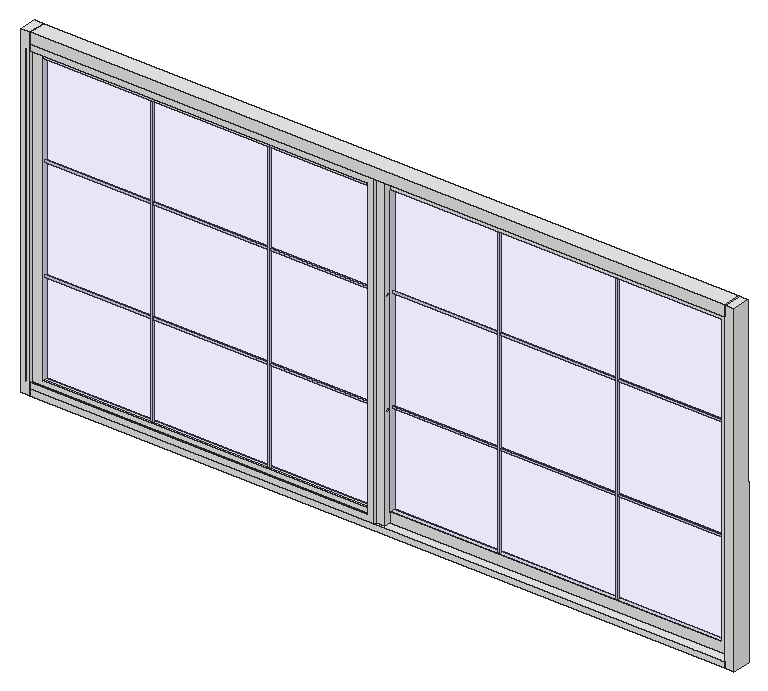
Revit family "Door_Curtain_Wall-Sliding-Traco-TR-8300", category Curtain Panels, Revit 2015
Parameters (values of type "TR-8300")
  Water Resistance = 12.0000 psf
  Uniform Load Structural = 75.0000 psf
  Uniform Load Deflection = 50.0000 psf
  Sill Type = Door_Frame-Sliding-(TR-8300) : 10 PSF Sill
  Sill Thickness = 0' - 4 1/4"
  Screen Type = Screen-Exterior-Traco-Half : Standard Screen
  Product data url = "https://bimobject.com/kawneerna/product/83005"
  Product Page URL = "http://www.alcoa.com/traco/en/product.asp?cat_id=1911&prod_id=4257"
  Product Documentation Link = "http://www.alcoa.com/traco/en/cad_spec.asp?cat_id=1911&prod_id=4257&area=prod"
  Panel Width [instance] = (Door Width / 2) - 0' 1"  # 7' - 8 1/2"
  Panel Material [instance] = Aluminum - Traco - Anodized - Gray
  Panel Height [instance] = Door Height - Sill Thickness  # 6' - 9"
  Muntin Type = Muntin-Grid-Traco-Lites : Interior
  Has Screen [instance] = yes
  Has Muntins [instance] = yes
  Glass Material [instance] = Glass - Traco - Clear
  Frame Material [instance] = Aluminum - Traco - Anodized - Gray
  Door Width [instance] = if(CTRL Opening Width < Door Width Minimum, Door Width Minimum, if(CTRL Opening Width > Door Width Maximum, Door Width Maximum, CTRL Opening Width))  # 15' - 7"
  Door Height [instance] = if(CTRL Opening Height < Door Height Minimum, Door Height Minimum, if(CTRL Opening Height > Door Height Maximum, Door Height Maximum, CTRL Opening Height))  # 7' - 1 1/4"
  Copyright © = "2011 Traco"  # constant formula
  CTRL Symbolic Arrow Placement Height [instance] = (Panel Height / 2) + 0' 1 1/2"  # 3' - 6"
  CTRL Symbolic Arrow Inset [instance] = (Panel Width / 2) - 0' 5 3/8"  # 3' - 4 7/8"
  CTRL Opening Width [instance] = 15' - 7"
  URL = "http://www.alcoa.com/traco/en/home.asp"
  U Factor = ".43*"
  Type Comments = "2 Panel"
  Test Size = "187\" X 96\""
  Show Symbolic Arrow [instance] = yes
  Screen Offset = 0' - 3 13/16"  # constant formula
  Right Panel Inset = 0' - 3 3/16"  # constant formula
  Model = "TR-8300"
  Manufacturer = "Traco"  # constant formula
  Left Panel Inset = 0' - 1 9/16"  # constant formula
  CTRL Opening Height [instance] = 7' - 1 1/4"
  Forced Entry Resistance = "TYPE B: GRADE 10"
  Door Width Minimum [instance] = 6' - 0"
  Door Width Maximum [instance] = 16' - 0"
  Door Height Minimum [instance] = 6' - 0"
  Door Height Maximum [instance] = 10' - 0"
  Designation = "AAMA/WDMA/CSA 101/I.S.2/A-440-05: HS-C50 And AAMA/WDMA/CSA 101/I.S.2/A-440-08"
  Description = "TR-8300 - Thermal Aluminum Heavy Commercial Sliding Glass Door\r\nTR-8300 - Thermal Aluminum Heavy Commercial Sliding Glass Door"
  Condensation Resistance = ""
  Assembly Code = "B2020220"
  Allowable Air Infiltration Maximum = "0.3 @ 6.2 PSF"
Reference planes (in)
  plane 1 "Front": y = 0
  plane 2 "Bottom": z = 0
  plane 3 "Center (Left/Right)": x = 0
  plane 4 "Left": x = -93.5
  plane 5 "Right": x = 93.5
  plane 6 "Top": z = 85.25
  plane 7 "Screen Back": y = 0.8125
  plane 8: z = 1.5
  plane 9 "Right Panel Left": x = -1.375
  plane 10 "Left Panel Right": x = 1.375
  plane 11 "Back": y = 4.625
  plane 12 "Left Panel Center F_B": y = 1.5625
  plane 13 "Right Panel Center F_B": y = 3.1875
  plane 14: y = 2.3125
Text (in)
  text "Exterior" at (-54.29358, -40.61257, 0), in view "Ref. Level"
  text "Exterior" at (480, 41.53993, 89.60405), in view "Right"
  text "Exterior" at (-240, 57.82419, 105.78864), in view "Left"
Dimensions and locks (in)
  equal spacing: plane 4 "Left", plane 3 "Center (Left/Right)", plane 5 "Right"
  "CTRL Opening Width": plane 4 "Left" to plane 5 "Right"
  "CTRL Opening Height": plane 6 "Top" to plane 2 "Bottom"
  locked: plane 8 to plane 2 "Bottom" at 1.5
  locked: plane 3 "Center (Left/Right)" to plane 10 "Left Panel Right" at 1.375
  locked: plane 9 "Right Panel Left" to plane 3 "Center (Left/Right)" at 1.375
  locked: plane 1 "Front" to plane 11 "Back" at 4.625
  "Right Panel Inset": plane 1 "Front" to plane 13 "Right Panel Center F_B"
  "Left Panel Inset": plane 1 "Front" to plane 12 "Left Panel Center F_B"
  equal spacing: plane 1 "Front", plane 14, plane 11 "Back"
  "Screen Offset": plane 7 "Screen Back" to plane 11 "Back"
  aligned and locked: level to plane 2 "Bottom"
  aligned and locked: nested 12 to plane 8
  aligned and locked: nested 13 to plane 12 "Left Panel Center F_B"
  aligned and locked: plane 10 "Left Panel Right" to nested 13
  aligned and locked: plane 8 to nested 13
  aligned: plane 10 "Left Panel Right" to nested 12
  aligned and locked: plane 3 "Center (Left/Right)" to nested 1
  aligned and locked: nested 1 to plane 2 "Bottom"
  aligned and locked: nested 2 to plane 8
  aligned and locked: plane 10 "Left Panel Right" to nested 2
  aligned and locked: nested 7 to plane 8
  aligned and locked: nested 7 to plane 9 "Right Panel Left"
  aligned and locked: nested 14 to plane 13 "Right Panel Center F_B"
  aligned and locked: nested 14 to plane 9 "Right Panel Left"
  aligned and locked: nested 14 to plane 8
  aligned and locked: nested 1 to nested 15
  aligned and locked: nested 15 to nested 12
  aligned and locked: nested 15 to nested 1
Nested families (in)
  nested 1: "Door_Frame-Sliding-(TR-8300)" at (0, 2.3125, 0), Door Width <- "Door Width", Door Height <- "Door Height", type <- "Sill Type", type "10 PSF Sill"
    with Door Width 15' - 7", Door Height 7' - 1 1/4", Bottom Frame Thickness 0' - 1 1/2", Top Frame Thickness 0' - 2 3/4"
  nested 2: "Muntin-Grid-Traco-Lites" at (-44.875, 1.5625, 42) x (0, 0, 1) z (0, -1, 0), type <- "Muntin Type", Sash Height <- "Panel Width", Length <- "Panel Height", visible <- "Has Muntins", type "Interior"
    with Sash Height 7' - 8 1/2", Material Aluminum - Traco - Anodized - Gray, Length 6' - 9", Glazing Thickness 0' - 0 7/8", CTRL Muntin Vertical Distance 2' - 6.83333", CTRL Muntin Horizontal Distance 2' - 3", CTRL Face Offset 0' - 0 1/4", CTRL Bar Vertical Visibility no, CTRL Bar Horizontal Visibility no, CTRL Array Vertical Visibility yes, CTRL Array Horizontal Visibility yes, Has Interior Muntins yes, Has Exterior Muntins no
  nested 3: "Muntin-Trapezoid-Traco-Single" at (-44.875, 1.75, 55.5) x (1, 0, 0) z (0, -1, 0), type "Standard Colonial"
    with Material Aluminum - Traco - Anodized - Gray, Length 7' - 8 1/2", Width Top 0' - 0 9/16", Width Base 0' - 0 9/16", Height 0' - 0 5/16"
  nested 4: "Muntin-Trapezoid-Traco-Single" at (-60.29167, 1.75, 42) x (0, 0, -1) z (0, -1, 0), type "Standard Colonial"
    with Material Aluminum - Traco - Anodized - Gray, Length 6' - 9", Width Top 0' - 0 9/16", Width Base 0' - 0 9/16", Height 0' - 0 5/16"
  nested 5: "Muntin-Trapezoid-Traco-Single" at (-44.875, 1.75, 28.5) x (1, 0, 0) z (0, -1, 0), type "Standard Colonial"
    with Material Aluminum - Traco - Anodized - Gray, Length 7' - 8 1/2", Width Top 0' - 0 9/16", Width Base 0' - 0 9/16", Height 0' - 0 5/16"
  nested 6: "Muntin-Trapezoid-Traco-Single" at (-29.45833, 1.75, 42) x (0, 0, -1) z (0, -1, 0), type "Standard Colonial"
    with Material Aluminum - Traco - Anodized - Gray, Length 6' - 9", Width Top 0' - 0 9/16", Width Base 0' - 0 9/16", Height 0' - 0 5/16"
  nested 7: "Muntin-Grid-Traco-Lites" at (44.875, 3.1875, 42) x (0, 0, -1) z (0, -1, 0), type <- "Muntin Type", Sash Height <- "Panel Width", Length <- "Panel Height", visible <- "Has Muntins", type "Interior"
    with Sash Height 7' - 8 1/2", Material Aluminum - Traco - Anodized - Gray, Length 6' - 9", Glazing Thickness 0' - 0 7/8", CTRL Muntin Vertical Distance 2' - 6.83333", CTRL Muntin Horizontal Distance 2' - 3", CTRL Face Offset 0' - 0 1/4", CTRL Bar Vertical Visibility no, CTRL Bar Horizontal Visibility no, CTRL Array Vertical Visibility yes, CTRL Array Horizontal Visibility yes, Has Interior Muntins yes, Has Exterior Muntins no
  nested 8: "Muntin-Trapezoid-Traco-Single" at (44.875, 3.375, 28.5) x (1, 0, 0) z (0, -1, 0), type "Standard Colonial"
    with Material Aluminum - Traco - Anodized - Gray, Length 7' - 8 1/2", Width Top 0' - 0 9/16", Width Base 0' - 0 9/16", Height 0' - 0 5/16"
  nested 9: "Muntin-Trapezoid-Traco-Single" at (29.45833, 3.375, 42) x (0, 0, 1) z (0, -1, 0), type "Standard Colonial"
    with Material Aluminum - Traco - Anodized - Gray, Length 6' - 9", Width Top 0' - 0 9/16", Width Base 0' - 0 9/16", Height 0' - 0 5/16"
  nested 10: "Muntin-Trapezoid-Traco-Single" at (44.875, 3.375, 55.5) x (1, 0, 0) z (0, -1, 0), type "Standard Colonial"
    with Material Aluminum - Traco - Anodized - Gray, Length 7' - 8 1/2", Width Top 0' - 0 9/16", Width Base 0' - 0 9/16", Height 0' - 0 5/16"
  nested 11: "Muntin-Trapezoid-Traco-Single" at (60.29167, 3.375, 42) x (0, 0, 1) z (0, -1, 0), type "Standard Colonial"
    with Material Aluminum - Traco - Anodized - Gray, Length 6' - 9", Width Top 0' - 0 9/16", Width Base 0' - 0 9/16", Height 0' - 0 5/16"
  nested 12: "Screen-Exterior-Traco-Half" at (-46.25, 0.8125, 42) x (1, 0, 0) z (0, -1, 0), Height <- "Panel Height", Width <- "Panel Width", type <- "Screen Type", visible <- "Has Screen", type "Standard Screen"
    with Width 7' - 8 1/2", Screen Offset 0' - 0", Height 6' - 9", CTRL Width 7' - 8 1/2", CTRL Height 6' - 9", Frame Thickness 0' - 0 3/4"
  nested 13: "Door-Glass_Panel-Traco" at (-34.625, 2.3125, 1.5), Panel Material <- "Panel Material", Glass Material <- "Glass Material", Width <- "Panel Width", Height <- "Panel Height", type "Door-Glass_Panel-Traco"
    with built-in parameter 1001301 7' - 8 1/2", built-in parameter 1001302 0' - 1 1/2", Slide Indicator yes, Panel Offset 0' - 4 1/4", Panel Material Aluminum - Traco - Anodized - Gray, Panel Finish none, built-in parameter 1001300 6' - 9", Glazing "Low E-Argon", Glass Material Glass - Traco - Clear
  nested 14: "Door-Glass_Panel-Traco" at (55.125, 3.9375, 1.5), Panel Material <- "Panel Material", Glass Material <- "Glass Material", Width <- "Panel Width", Height <- "Panel Height", type "Door-Glass_Panel-Traco"
    with built-in parameter 1001301 7' - 8 1/2", built-in parameter 1001302 0' - 1 1/2", Slide Indicator yes, Panel Offset 0' - 4 1/4", Panel Material Aluminum - Traco - Anodized - Gray, Panel Finish none, built-in parameter 1001300 6' - 9", Glazing "Low E-Argon", Glass Material Glass - Traco - Clear
  nested 15: "Symbolic_Opening_Arrow-Traco" at (-74.5, 0, 42) x (1, 0, 0) z (0, -1, 0), visible <- "Show Symbolic Arrow", Placement Height <- "CTRL Symbolic Arrow Placement Height", Inset <- "CTRL Symbolic Arrow Inset", type "Typical"
    with Placement Height 3' - 6", Inset 3' - 4 7/8"
Definition of nested family "Door_Frame-Sliding-(TR-8300)"
  Parameters
    Top Frame Thickness = 0' - 4 3/8"
    Frame Thickness = 0' - 2 3/8"
    Frame Material = none
    Frame Depth = 0' - 4 5/8"
    Door Width [instance] = 6' - 0"
    Door Height [instance] = 7' - 0"
    Bottom Frame Thickness [instance] = 0' - 1 1/2"
    Assembly Code = ""
  Reference planes (in)
    plane 1 "Center (Front/Back)": y = 0
    plane 2 "Bottom": z = 0
    plane 3 "Center (Left/Right)": x = 0
    plane 4 "Interior": y = 2.3125
    plane 5 "Exterior": y = -2.3125
    plane 6 "Left": x = -36
    plane 7 "Right": x = 36
    plane 8 "Top of Frame": z = 84
    plane 9 "Inside Frame Left Side": x = -33.625
    plane 10 "Inside Frame Right Side": x = 33.625
    plane 11 "Top Inset": z = 79.625
    plane 12 "Bottom Inset": z = 1.5
  Forms (in)
    Extrusion 1, solid, material <- "Frame Material"
      sketch origin (0, 0, 0) x (1, 0, 0) y (0, 0, 1)
        loop
          line (-36, 84) -> (-36, 0) -> (-33.625, 0) -> (-33.625, 84) -> (-36, 84)
        loop
          line (33.625, 84) -> (33.625, 0) -> (36, 0) -> (36, 84) -> (33.625, 84)
      from -2.3125 to 2.3125
    Extrusion 2, solid, material <- "Frame Material"
      sketch origin (0, 0, 0) x (1, 0, 0) y (0, 0, 1)
        loop
          line (-33.625, 84) -> (-33.625, 79.625) -> (33.625, 79.625) -> (33.625, 84) -> (-33.625, 84)
        loop
          line (-33.625, 1.5) -> (-33.625, 0) -> (33.625, 0) -> (33.625, 1.5) -> (-33.625, 1.5)
      from -2.3125 to 2.3125
  Lines and regions (in)
    Masking region 1
      outline origin (0, 0, 84) x (-1, 0, 0) y (0, -1, 0)
        loop
          line (36, 2.3125) -> (-36, 2.3125) -> (-36, -2.3125) -> (36, -2.3125) -> (36, 2.3125)
    Masking region 2
      outline origin (0, 0, 0) x (0, 1, 0) y (0, 0, 1)
        loop
          line (-2.3125, 0) -> (2.3125, 0) -> (2.3125, 84) -> (-2.3125, 84) -> (-2.3125, 0)
    Masking region 3
      outline origin (0, 0, 0) x (1, 0, 0) y (0, 0, 1)
        loop
          line (-36, 0) -> (36, 0) -> (36, 84) -> (-36, 84) -> (-36, 0)
        loop
          line (-33.625, 1.5) -> (33.625, 1.5) -> (33.625, 79.625) -> (-33.625, 79.625) -> (-33.625, 1.5)
    symbolic lines, detail levels medium+fine
      curve 1: line (-33.625, -2.3125, 84) -> (-33.625, 2.3125, 84)
      curve 2: line (33.625, -2.3125, 84) -> (33.625, 2.3125, 84)
      curve 3: line (-33.625, 0, 0) -> (-33.625, 0, 1.5)
      curve 4: line (33.625, 0, 0) -> (33.625, 0, 1.5)
      curve 5: line (-33.625, 0, 79.625) -> (-33.625, 0, 84)
      curve 6: line (33.625, 0, 79.625) -> (33.625, 0, 84)
  Dimensions and locks (in)
    equal spacing: plane 4 "Interior", plane 1 "Center (Front/Back)", plane 5 "Exterior"
    "Frame Depth": plane 4 "Interior" to plane 5 "Exterior"
    "Door Height": plane 8 "Top of Frame" to plane 2 "Bottom"
    equal spacing: plane 6 "Left", plane 3 "Center (Left/Right)", plane 7 "Right"
    "Top Frame Thickness": plane 8 "Top of Frame" to plane 11 "Top Inset"
    "Frame Thickness": plane 7 "Right" to plane 10 "Inside Frame Right Side"
    "Frame Thickness": plane 6 "Left" to plane 9 "Inside Frame Left Side"
    "Bottom Frame Thickness": plane 12 "Bottom Inset" to plane 2 "Bottom"
    "Door Width": plane 6 "Left" to plane 7 "Right"
    aligned and locked: level to plane 2 "Bottom"
    aligned and locked: Extrusion 1 sketch curve to plane 6 "Left"
    aligned and locked: level to Extrusion 1 sketch curve
    aligned and locked: plane 9 "Inside Frame Left Side" to Extrusion 1 sketch curve
    aligned and locked: Extrusion 1 sketch curve to plane 10 "Inside Frame Right Side"
    aligned and locked: Extrusion 1 sketch curve to plane 7 "Right"
    aligned and locked: plane 4 "Interior" to Extrusion 1
    aligned and locked: plane 5 "Exterior" to Extrusion 1
    aligned and locked: plane 2 "Bottom" to Extrusion 1 sketch curve
    aligned and locked: Extrusion 1 to Extrusion 2 sketch curve  (x2)
    aligned and locked: plane 11 "Top Inset" to Extrusion 2 sketch curve
    aligned and locked: plane 10 "Inside Frame Right Side" to Extrusion 2 sketch curve
    aligned and locked: Extrusion 2 sketch curve to plane 12 "Bottom Inset"
    aligned and locked: Extrusion 2 sketch curve to plane 9 "Inside Frame Left Side"
    aligned and locked: Extrusion 2 sketch curve to Extrusion 1
    aligned and locked: plane 4 "Interior" to Extrusion 2
    aligned and locked: plane 5 "Exterior" to Extrusion 2
    aligned and locked: Extrusion 2 sketch curve to plane 8 "Top of Frame"
    aligned and locked: Extrusion 1 sketch curve to plane 8 "Top of Frame"  (x2)
    aligned and locked: plane 6 "Left" to Masking region 1 sketch curve
    aligned and locked: plane 5 "Exterior" to Masking region 1 sketch curve
    aligned and locked: plane 4 "Interior" to Masking region 1 sketch curve
    aligned and locked: plane 7 "Right" to Masking region 1 sketch curve
    aligned and locked: curve 1 to plane 9 "Inside Frame Left Side"
    aligned and locked: curve 2 to plane 10 "Inside Frame Right Side"
    aligned and locked: plane 5 "Exterior" to Masking region 2 sketch curve
    aligned and locked: plane 8 "Top of Frame" to Masking region 2 sketch curve
    aligned and locked: plane 4 "Interior" to Masking region 2 sketch curve
    aligned and locked: Masking region 2 sketch curve to plane 2 "Bottom"
    aligned and locked: plane 6 "Left" to Masking region 3 sketch curve
    aligned and locked: Masking region 3 sketch curve to plane 2 "Bottom"
    aligned and locked: plane 7 "Right" to Masking region 3 sketch curve
    aligned and locked: plane 8 "Top of Frame" to Masking region 3 sketch curve
    aligned and locked: plane 11 "Top Inset" to Masking region 3 sketch curve
    aligned and locked: plane 9 "Inside Frame Left Side" to Masking region 3 sketch curve
    aligned and locked: Masking region 3 sketch curve to plane 12 "Bottom Inset"
    aligned and locked: Masking region 3 sketch curve to plane 10 "Inside Frame Right Side"
    aligned and locked: curve 5 to plane 9 "Inside Frame Left Side"
    aligned and locked: curve 6 to plane 10 "Inside Frame Right Side"
    aligned and locked: curve 3 to plane 9 "Inside Frame Left Side"
    aligned and locked: curve 4 to plane 10 "Inside Frame Right Side"
  Automatic sketch dimensions
    curve 5 to plane 8 "Top of Frame" = 0' - 0"
    curve 4 to level = 0' - 0"
    curve 3 to level = 0' - 0"
    curve 4 to plane 12 "Bottom Inset" = 0' - 0"
    curve 3 to plane 12 "Bottom Inset" = 0' - 0"
    curve 6 to plane 11 "Top Inset" = 0' - 0"
    curve 5 to plane 11 "Top Inset" = 0' - 0"
    curve 6 to plane 8 "Top of Frame" = 0' - 0"
    curve 1 to plane 4 "Interior" = 0' - 0"
    curve 2 to plane 4 "Interior" = 0' - 0"
    plane 5 "Exterior" to curve 2 = 0' - 0"
    plane 5 "Exterior" to curve 1 = 0' - 0"
Definition of nested family "Muntin-Trapezoid-Traco-Single"
  Parameters
    Width Top = 0' - 0 7/16"
    Width Base = 0' - 1"
    URL = "http://www.alcoa.com/traco/en/home.asp"
    Product Page URL = "http://www.alcoa.com/traco/en/product.asp?prod_id=4228"
    Product Documentation Link = "http://www.alcoa.com/traco/en/cad_spec.asp?prod_id=4228&area=prod"
    Material [instance] = none
    Manufacturer = "Traco"  # constant formula
    Length [instance] = 1' - 0"
    Height = 0' - 0 5/8"
    Description = "Trapezoidal Profile"
    Copyright © = "2011 Traco"  # constant formula
  Reference planes (in)
    plane 1 "Center (Front/Back)": y = 0
    plane 2 "Original Bottom": z = 0
    plane 3 "Center (Left/Right)": x = 0
    plane 4 "Left": x = -6
    plane 5 "Right": x = 6
    plane 6 "Back": y = 0.5
    plane 7 "Front": y = -0.5
    plane 8 "Back Inset": y = 0.21875
    plane 9 "Front Inset": y = -0.21875
    plane 10 "Top": z = 0.625
    plane 11 "Bottom": z = 0
  Forms (in)
    Sweep 1, solid, material <- "Material", detail levels medium+fine
      path origin (0, 0, 0) x (0, -1, 0) y (1, 0, 0)
        loop
          line (0, 6) -> (0, -6)
      profile origin (0, 0, 0) x (0, -1, 0) y (0, 0, 1)
        loop
          line (0.5, 0) -> (0.21875, 0.625) -> (-0.21875, 0.625) -> (-0.5, 0) -> (0.5, 0)
  Lines and regions (in)
    Masking region 1, detail levels medium+fine
      outline origin (0, 0, 0) x (0, 1, 0) y (0, 0, 1)
        loop
          line (0.5, 0) -> (0.21875, 0.625) -> (-0.21875, 0.625) -> (-0.5, 0) -> (0.5, 0)
    Masking region 2, detail levels medium+fine
      outline origin (0, 0, 0) x (1, 0, 0) y (0, 1, 0)
        loop
          line (6, -0.5) -> (6, 0.5) -> (-6, 0.5) -> (-6, -0.5) -> (6, -0.5)
    Masking region 3, detail levels medium+fine
      outline origin (0, 0, 0) x (1, 0, 0) y (0, 0, 1)
        loop
          line (6, 0) -> (6, 0.625) -> (-6, 0.625) -> (-6, 0) -> (6, 0)
    symbolic lines, detail levels coarse
      curve 1: line (0, 0, 0) -> (0, 0, 0.625)
      curve 2: line (-6, 0, 0) -> (6, 0, 0)
      curve 3: line (-6, 0, 0) -> (-6, 0, 0.625)
      curve 4: line (-6, 0, 0.625) -> (6, 0, 0.625)
      curve 5: line (6, 0, 0.625) -> (6, 0, 0)
    model lines, detail levels coarse
      curve 6: line (-6, 0, 0) -> (6, 0, 0)
  Dimensions and locks (in)
    equal spacing: plane 4 "Left", plane 3 "Center (Left/Right)", plane 5 "Right"
    "Length": plane 4 "Left" to plane 5 "Right"
    equal spacing: plane 6 "Back", plane 1 "Center (Front/Back)", plane 7 "Front"
    "Width Base": plane 7 "Front" to plane 6 "Back"
    equal spacing: plane 8 "Back Inset", plane 1 "Center (Front/Back)", plane 9 "Front Inset"
    "Width Top": plane 9 "Front Inset" to plane 8 "Back Inset"
    locked: plane 11 "Bottom" to plane 2 "Original Bottom" at 0
    "Height": plane 10 "Top" to plane 11 "Bottom"
    aligned and locked: plane 2 "Original Bottom" to level
    aligned and locked: plane 4 "Left" to Sweep 1 sketch curve
    aligned and locked: Sweep 1 sketch curve to plane 1 "Center (Front/Back)"
    aligned and locked: plane 5 "Right" to Sweep 1 sketch curve
    aligned and locked: plane 7 "Front" to Sweep 1 sketch curve
    aligned and locked: plane 11 "Bottom" to Sweep 1 sketch curve  (x2)
    aligned and locked: plane 6 "Back" to Sweep 1 sketch curve
    aligned and locked: plane 10 "Top" to Sweep 1 sketch curve
    aligned and locked: plane 8 "Back Inset" to Sweep 1 sketch curve
    aligned and locked: plane 9 "Front Inset" to Sweep 1 sketch curve
    aligned and locked: Sweep 1 sketch curve to plane 10 "Top"
    aligned and locked: Masking region 1 sketch curve to plane 11 "Bottom"
    aligned and locked: plane 10 "Top" to Masking region 1 sketch curve
    aligned and locked: plane 8 "Back Inset" to Masking region 1 sketch curve
    aligned and locked: plane 9 "Front Inset" to Masking region 1 sketch curve
    aligned and locked: plane 7 "Front" to Masking region 1 sketch curve
    aligned and locked: plane 6 "Back" to Masking region 1 sketch curve
    aligned and locked: curve 1 to plane 1 "Center (Front/Back)"
    aligned and locked: plane 11 "Bottom" to curve 1
    aligned and locked: plane 10 "Top" to curve 1
    aligned and locked: plane 4 "Left" to curve 2
    aligned and locked: plane 5 "Right" to curve 2
    aligned and locked: plane 1 "Center (Front/Back)" to curve 2
    aligned and locked: Masking region 2 sketch curve to plane 4 "Left"
    aligned and locked: Masking region 2 sketch curve to plane 5 "Right"
    aligned and locked: Masking region 2 sketch curve to plane 6 "Back"
    aligned and locked: Masking region 2 sketch curve to plane 7 "Front"
    aligned and locked: Masking region 3 sketch curve to plane 4 "Left"
    aligned and locked: Masking region 3 sketch curve to plane 5 "Right"
    aligned and locked: plane 11 "Bottom" to Masking region 3 sketch curve
    aligned and locked: Masking region 3 sketch curve to plane 10 "Top"
    aligned and locked: plane 11 "Bottom" to curve 3
    aligned and locked: plane 11 "Bottom" to curve 5
    aligned and locked: curve 5 to plane 5 "Right"
    aligned and locked: curve 3 to plane 4 "Left"
    aligned and locked: curve 4 to plane 10 "Top"
    aligned and locked: plane 5 "Right" to curve 6
    aligned and locked: plane 4 "Left" to curve 6
    aligned and locked: plane 1 "Center (Front/Back)" to curve 6
Definition of nested family "Screen-Exterior-Traco-Half"
  Parameters
    Width [instance] = 4' - 0"
    URL = "http://www.alcoa.com/traco/en/home.asp"
    Screen Offset [instance] = 0' - 1 1/2"
    Screen Material = none
    Product Page URL = ""
    Product Documentation Link = ""
    Model = ""
    Frame Material = none
    Manufacturer = "Traco"  # constant formula
    Height [instance] = 7' - 0"
    Frame Width = 0' - 1 1/2"
    Frame Thickness = 0' - 0 3/8"
    Default Elevation = 4' - 0"
    Copyright © = "2011 Traco"  # constant formula
    CTRL Width [instance] = Width  # 4' - 0"
    CTRL Height [instance] = Height  # 7' - 0"
    Assembly Code = "B2010300"
  Reference planes (in)
    plane 1 "Center (Front/Back)": y = 0
    plane 2 "Original Ref": z = 0
    plane 3 "Center (Left/Right)": x = -1
    plane 4 "Bottom": z = 1.5
    plane 5 "Front": y = -42
    plane 6 "Back": y = 42
    plane 7 "Left": x = -25
    plane 8 "Right": x = 23
    plane 9 "Back Inset": y = 40.5
    plane 10 "Left Inset": x = -23.5
    plane 11 "Right Inset": x = 21.5
    plane 12 "Top": z = 1.875
    plane 13 "Front Inset": y = -40.5
    plane 14 "Screen Bottom": z = 1.635
  Forms (in)
    Extrusion 1, solid
      sketch origin (0, 0, 0) x (1, 0, 0) y (0, 1, 0)
        loop
          line (-48, 48) -> (-48, -48) -> (48, -48) -> (48, 48) -> (-48, 48)
      from 0 to -12
    Extrusion 2, solid, material <- "Frame Material", detail levels medium+fine
      sketch origin (0, 0, 0) x (1, 0, 0) y (0, 1, 0)
        loop
          line (-25, 42) -> (-25, -42) -> (23, -42) -> (23, 42) -> (-25, 42)
        loop
          line (21.5, -40.5) -> (21.5, 40.5) -> (-23.5, 40.5) -> (-23.5, -40.5) -> (21.5, -40.5)
      from 1.5 to 1.875
    Extrusion 3, solid, material <- "Screen Material", detail levels medium+fine
      sketch origin (0, 0, 1.875) x (-1, 0, 0) y (0, -1, 0)
        loop
          line (-21.5, 40.5) -> (-21.5, -40.5) -> (23.5, -40.5) -> (23.5, 40.5) -> (-21.5, 40.5)
      from -0.24 to 0
  Lines and regions (in)
    Masking region 1, detail levels medium+fine
      outline origin (0, 0, 0) x (1, 0, 0) y (0, 0, 1)
        loop
          line (-25, 1.875) -> (-25, 1.5) -> (-23.5, 1.5) -> (-23.5, 1.875) -> (-25, 1.875)
        loop
          line (23, 1.5) -> (23, 1.875) -> (21.5, 1.875) -> (21.5, 1.5) -> (23, 1.5)
    Masking region 2
      outline origin (0, 0, 1.875) x (-1, 0, 0) y (0, -1, 0)
        loop
          line (-23, 42) -> (-23, -42) -> (25, -42) -> (25, 42) -> (-23, 42)
        loop
          line (23.5, -40.5) -> (23.5, 40.5) -> (-21.5, 40.5) -> (-21.5, -40.5) -> (23.5, -40.5)
    Masking region 3, detail levels medium+fine
      outline origin (-1, 0, 0) x (0, 1, 0) y (0, 0, 1)
        loop
          line (-42, 1.875) -> (-42, 1.5) -> (-40.5, 1.5) -> (-40.5, 1.875) -> (-42, 1.875)
        loop
          line (42, 1.5) -> (42, 1.875) -> (40.5, 1.875) -> (40.5, 1.5) -> (42, 1.5)
    model lines, detail levels coarse
      curve 1: line (-25, -42, 1.875) -> (23, -42, 1.875)
      curve 2: line (23, -42, 1.875) -> (23, 42, 1.875)
      curve 3: line (23, 42, 1.875) -> (-25, 42, 1.875)
      curve 4: line (-25, 42, 1.875) -> (-25, -42, 1.875)
    model lines, detail levels fine
      curve 5: line (-25, 42, 1.875) -> (-23.5, 40.5, 1.875)
      curve 6: line (21.5, 40.5, 1.875) -> (23, 42, 1.875)
      curve 7: line (-25, -42, 1.875) -> (-23.5, -40.5, 1.875)
      curve 8: line (21.5, -40.5, 1.875) -> (23, -42, 1.875)
    symbolic lines
      curve 9: line (21.5, 0, 1.635) -> (-23.5, 0, 1.635)
      curve 10: line (-1, 40.5, 1.635) -> (-1, -40.5, 1.635)
      curve 13: line (-23.5, -40.5, 1.875) -> (21.5, 40.5, 1.875)
    symbolic lines, detail levels medium+fine
      curve 11: line (-23.5, 0, 1.875) -> (-1, 40.5, 1.875)
      curve 12: line (-1, -40.5, 1.875) -> (21.5, 0, 1.875)
    symbolic lines, detail levels coarse
      curve 14: line (-23.5, 0, 1.635) -> (-23.5, 0, 1.5)
      curve 15: line (21.5, 0, 1.635) -> (21.5, 0, 1.5)
      curve 16: line (-1, -40.5, 1.5) -> (-1, -40.5, 1.635)
      curve 17: line (-1, 40.5, 1.5) -> (-1, 40.5, 1.635)
  Dimensions and locks (in)
    plane 4 "Bottom" to plane 2 "Original Ref" = 0' - 1 1/2"
    "CTRL Width": plane 7 "Left" to plane 8 "Right"
    "CTRL Height": plane 5 "Front" to plane 6 "Back"
    "Frame Width": plane 6 "Back" to plane 9 "Back Inset"
    "Frame Width": plane 7 "Left" to plane 10 "Left Inset"
    "Frame Width": plane 11 "Right Inset" to plane 8 "Right"
    "Frame Thickness": plane 12 "Top" to plane 4 "Bottom"
    "Frame Width": plane 5 "Front" to plane 13 "Front Inset"
    equal spacing: plane 7 "Left", plane 3 "Center (Left/Right)", plane 8 "Right"
    locked: plane 12 "Top" to plane 14 "Screen Bottom" at 0.24
    equal spacing: plane 5 "Front", plane 1 "Center (Front/Back)", plane 6 "Back"
    "Screen Offset": plane 4 "Bottom" to plane 2 "Original Ref"
    aligned and locked: plane 2 "Original Ref" to Extrusion 1
    aligned and locked: level to Extrusion 1
    aligned and locked: Masking region 1 sketch curve to plane 12 "Top"
    aligned and locked: plane 4 "Bottom" to Masking region 1 sketch curve
    aligned and locked: Masking region 1 sketch curve to plane 7 "Left"
    aligned and locked: Masking region 2 sketch curve to plane 6 "Back"
    aligned and locked: Masking region 2 sketch curve to plane 7 "Left"
    aligned and locked: Masking region 2 sketch curve to plane 5 "Front"
    aligned and locked: Masking region 2 sketch curve to plane 8 "Right"
    aligned and locked: Masking region 2 sketch curve to plane 11 "Right Inset"
    aligned and locked: Masking region 2 sketch curve to plane 10 "Left Inset"
    aligned and locked: Masking region 2 sketch curve to plane 9 "Back Inset"
    aligned and locked: Masking region 2 sketch curve to plane 13 "Front Inset"
    aligned and locked: Extrusion 2 sketch curve to plane 9 "Back Inset"
    aligned and locked: Extrusion 2 sketch curve to plane 6 "Back"
    aligned and locked: Extrusion 2 sketch curve to plane 11 "Right Inset"
    aligned and locked: Extrusion 2 sketch curve to plane 8 "Right"
    aligned and locked: Extrusion 2 sketch curve to plane 10 "Left Inset"
    aligned and locked: Extrusion 2 sketch curve to plane 7 "Left"
    aligned and locked: Extrusion 2 sketch curve to plane 13 "Front Inset"
    aligned and locked: Extrusion 2 sketch curve to plane 5 "Front"
    aligned and locked: plane 12 "Top" to Extrusion 2
    aligned and locked: Extrusion 2 to plane 4 "Bottom"
    aligned and locked: curve 1 to Extrusion 2
    aligned and locked: curve 2 to Extrusion 2
    aligned and locked: curve 4 to Extrusion 2
    aligned and locked: Masking region 1 sketch curve to plane 8 "Right"
    aligned and locked: Masking region 3 sketch curve to plane 6 "Back"
    aligned and locked: Masking region 3 sketch curve to plane 5 "Front"
    aligned and locked: Masking region 3 sketch curve to plane 12 "Top"
    aligned and locked: Masking region 3 to plane 4 "Bottom"
    aligned and locked: plane 11 "Right Inset" to curve 8
    aligned and locked: plane 10 "Left Inset" to curve 7
    aligned and locked: plane 7 "Left" to curve 7
    aligned and locked: plane 10 "Left Inset" to curve 5
    aligned and locked: plane 11 "Right Inset" to curve 6
    aligned and locked: plane 5 "Front" to curve 8
    aligned and locked: plane 13 "Front Inset" to curve 8
    aligned and locked: plane 9 "Back Inset" to curve 6
    aligned and locked: plane 9 "Back Inset" to curve 5
    aligned and locked: plane 8 "Right" to curve 3
    aligned and locked: Extrusion 3 sketch curve to plane 9 "Back Inset"
    aligned and locked: Extrusion 3 sketch curve to plane 10 "Left Inset"
    aligned and locked: Extrusion 3 sketch curve to plane 13 "Front Inset"
    aligned and locked: Extrusion 3 sketch curve to plane 11 "Right Inset"
    aligned and locked: Extrusion 3 to plane 14 "Screen Bottom"
    aligned and locked: plane 12 "Top" to Extrusion 3
    aligned and locked: Masking region 1 sketch curve to plane 10 "Left Inset"
    aligned and locked: Masking region 1 sketch curve to plane 11 "Right Inset"
    aligned and locked: plane 11 "Right Inset" to curve 9
    aligned and locked: plane 14 "Screen Bottom" to curve 9
    aligned and locked: Masking region 3 sketch curve to plane 13 "Front Inset"
    aligned and locked: Masking region 3 sketch curve to plane 9 "Back Inset"
    aligned and locked: plane 13 "Front Inset" to curve 10
    aligned and locked: plane 9 "Back Inset" to curve 10
    aligned and locked: plane 14 "Screen Bottom" to curve 10
    aligned and locked: plane 6 "Back" to curve 6
    aligned and locked: plane 1 "Center (Front/Back)" to curve 12
    aligned and locked: plane 11 "Right Inset" to curve 12
    aligned and locked: plane 9 "Back Inset" to curve 11
    aligned and locked: plane 3 "Center (Left/Right)" to curve 11
    aligned and locked: plane 13 "Front Inset" to curve 12
    aligned and locked: plane 3 "Center (Left/Right)" to curve 12
    aligned and locked: plane 13 "Front Inset" to curve 13
    aligned and locked: plane 10 "Left Inset" to curve 11
    aligned and locked: plane 1 "Center (Front/Back)" to curve 11
    aligned and locked: plane 10 "Left Inset" to curve 14
    aligned and locked: plane 14 "Screen Bottom" to curve 14
    aligned and locked: plane 4 "Bottom" to curve 14
    aligned and locked: plane 14 "Screen Bottom" to curve 16
    aligned and locked: plane 4 "Bottom" to curve 16
    aligned and locked: curve 16 to plane 13 "Front Inset"
  Automatic sketch dimensions
    Extrusion 1 sketch curve to Extrusion 1 sketch curve = 8' - 0"  (x2)
    curve 15 to plane 4 "Bottom" = 0' - 0"
    Masking region 1 sketch curve to plane 4 "Bottom" = 0' - 0"
    Masking region 1 sketch curve to plane 12 "Top" = 0' - 0"
    Masking region 3 sketch curve to plane 4 "Bottom" = 0' - 0"  (x2)
    Masking region 3 sketch curve to plane 12 "Top" = 0' - 0"
    curve 17 to plane 4 "Bottom" = 0' - 0"
Definition of nested family "Door-Glass_Panel-Traco"
  Parameters
    Width [instance] = 3' - 0"
    Visible Light Transmission = 0
    URL = "www.integratedcontentsolutions.com"
    U Value = 0
    Type Comments = "Panel theory and model developed by Integrated Content Solutions"  # constant formula
    Thickness [instance] = 0' - 1 1/2"
    Stile Right = 0' - 2 3/4"
    Stile Left = 0' - 2 3/4"
    Solar Heat Gain Coefficient = 0
    Slide Indicator [instance] = yes
    Rail Head = 0' - 2 9/16"
    Rail Bottom = 0' - 2 9/16"
    R Value = 0
    Product Documentation Link = "www.integratedcontentsolutions.com"
    Panel Offset [instance] = 0' - 4 1/4"
    Panel Material [instance] = none
    Panel Finish [instance] = none
    Manufacturer = "Integrated Content Solutions"  # constant formula
    LEED Credit = ""
    Height [instance] = 7' - 0"
    Glazing [instance] = "Low E-Argon"
    Glass Material [instance] = none
    Function = 1
    Energy Star Zone = ""
    Copyright © = "Integrated Content Solutions © 2009"  # constant formula
    Assembly Code = "C1020110"
    Appear In Schedule = 0 = 1  # no
    Air Leakage = 0
  Reference planes (in)
    plane 1 "Exterior": y = 0
    plane 2 "Bottom": z = 0
    plane 3 "Left": x = 0
    plane 4 "Interior": y = -1.5
    plane 5 "Right": x = 36
    plane 6 "Top": z = 84
    plane 7 "Panel Center of Thickness": y = -0.75
    plane 8 "Glass Interior": y = -1.1875
    plane 9 "Glass Exterior": y = -0.3125
    plane 10 "Left Inset": x = 2.75
    plane 11 "Right Inset": x = 33.25
    plane 12 "Top Inset": z = 81.4375
    plane 13 "Bottom Inset": z = 2.5625
    plane 14 "Center L_R": x = 18
  Forms (in)
    Extrusion 1, solid, material <- "Panel Material"
      sketch origin (0, 0, 0) x (1, 0, 0) y (0, 0, 1)
        loop
          line (0, 84) -> (0, 0) -> (36, 0) -> (36, 84) -> (0, 84)
        loop
          line (2.75, 81.4375) -> (2.75, 2.5625) -> (33.25, 2.5625) -> (33.25, 81.4375) -> (2.75, 81.4375)
      from 0 to 1.5
    Extrusion 2, solid, material <- "Glass Material"
      sketch origin (0, -1.5, 0) x (1, 0, 0) y (0, 0, 1)
        loop
          line (2.75, 81.4375) -> (2.75, 2.5625) -> (33.25, 2.5625) -> (33.25, 81.4375) -> (2.75, 81.4375)
      from -1.1875 to -0.3125
  Lines and regions (in)
    Masking region 1
      outline origin (0, 0, 84) x (-1, 0, 0) y (0, -1, 0)
        loop
          line (0, 1.5) -> (-36, 1.5) -> (-36, 0) -> (0, 0) -> (0, 1.5)
    Masking region 2
      outline origin (0, -0.75, 0) x (-1, 0, 0) y (0, 0, 1)
        loop
          line (0, 0) -> (0, 84) -> (-36, 84) -> (-36, 0) -> (0, 0)
        loop
          line (-2.75, 2.5625) -> (-2.75, 81.4375) -> (-33.25, 81.4375) -> (-33.25, 2.5625) -> (-2.75, 2.5625)
    Masking region 3
      outline origin (18, 0, 0) x (0, 1, 0) y (0, 0, 1)
        loop
          line (-1.5, 0) -> (0, 0) -> (0, 84) -> (-1.5, 84) -> (-1.5, 0)
  Dimensions and locks (in)
    "Width": plane 3 "Left" to plane 5 "Right"
    "Thickness": plane 4 "Interior" to plane 1 "Exterior"
    "Height": plane 6 "Top" to plane 2 "Bottom"
    equal spacing: plane 4 "Interior", plane 7 "Panel Center of Thickness", plane 1 "Exterior"
    "Stile Left": plane 10 "Left Inset" to plane 3 "Left"
    "Stile Right": plane 5 "Right" to plane 11 "Right Inset"
    "Rail Bottom": plane 13 "Bottom Inset" to plane 2 "Bottom"
    "Rail Head": plane 6 "Top" to plane 12 "Top Inset"
    locked: plane 9 "Glass Exterior" to plane 8 "Glass Interior" at 0.875
    equal spacing: plane 3 "Left", plane 14 "Center L_R", plane 5 "Right"
    aligned and locked: plane 3 "Left" to Extrusion 1 sketch curve
    aligned and locked: Extrusion 1 sketch curve to plane 6 "Top"
    aligned and locked: level to Extrusion 1 sketch curve
    aligned and locked: Extrusion 1 sketch curve to plane 5 "Right"
    aligned and locked: Extrusion 1 to plane 1 "Exterior"
    aligned and locked: plane 4 "Interior" to Extrusion 1
    aligned and locked: level to plane 2 "Bottom"
    aligned and locked: plane 10 "Left Inset" to Extrusion 1 sketch curve
    aligned and locked: Extrusion 1 sketch curve to plane 12 "Top Inset"
    aligned and locked: plane 13 "Bottom Inset" to Extrusion 1 sketch curve
    aligned and locked: Extrusion 1 sketch curve to plane 11 "Right Inset"
    aligned and locked: plane 10 "Left Inset" to Extrusion 2 sketch curve
    aligned and locked: Extrusion 2 sketch curve to plane 12 "Top Inset"
    aligned and locked: plane 13 "Bottom Inset" to Extrusion 2 sketch curve
    aligned and locked: Extrusion 2 sketch curve to plane 11 "Right Inset"
    aligned and locked: plane 9 "Glass Exterior" to Extrusion 2
    aligned and locked: Extrusion 2 to plane 8 "Glass Interior"
    aligned and locked: Masking region 1 sketch curve to plane 1 "Exterior"
    aligned and locked: plane 5 "Right" to Masking region 1 sketch curve
    aligned and locked: plane 4 "Interior" to Masking region 1 sketch curve
    aligned and locked: Masking region 1 sketch curve to plane 3 "Left"
    aligned and locked: plane 6 "Top" to Masking region 2 sketch curve
    aligned and locked: Masking region 2 sketch curve to plane 3 "Left"
    aligned and locked: plane 5 "Right" to Masking region 2 sketch curve
    aligned and locked: Masking region 2 sketch curve to plane 2 "Bottom"
    aligned and locked: plane 12 "Top Inset" to Masking region 2 sketch curve
    aligned and locked: Masking region 2 sketch curve to plane 10 "Left Inset"
    aligned and locked: plane 11 "Right Inset" to Masking region 2 sketch curve
    aligned and locked: Masking region 2 sketch curve to plane 13 "Bottom Inset"
    aligned and locked: plane 6 "Top" to Masking region 3 sketch curve
    aligned and locked: plane 4 "Interior" to Masking region 3 sketch curve
    aligned and locked: Masking region 3 sketch curve to plane 1 "Exterior"
    aligned and locked: plane 2 "Bottom" to Masking region 3 sketch curve
Definition of nested family "Muntin-Grid-Traco-Lites"
  Parameters
    URL = "http://www.alcoa.com/traco/en/home.asp"
    Sash Height [instance] = 4' - 0"
    Muntin Vertical Count = if((Lite Vertical Count - 1) < 2, 2, (Lite Vertical Count - 1))  # 2
    Muntin Type = Muntin-Trapezoid-Traco-Single : H-081
    Muntin Horizontal Count = if((Lite Horizontal Count - 1) < 2, 2, (Lite Horizontal Count - 1))  # 2
    Material [instance] = none
    Manufacturer = "Traco"  # constant formula
    Lite Vertical Count = 3
    Lite Horizontal Count = 3
    Length [instance] = 4' - 0"
    Has True Muntins = no
    Has Interior Muntins = no
    Has Exterior Muntins = yes
    Glazing Thickness [instance] = 0' - 0 7/8"
    Default Elevation = 4' - 0"
    Copyright © = "2011 Traco"  # constant formula
    CTRL Muntin Vertical Distance [instance] = Sash Height / (Lite Vertical Count)  # 1' - 4"
    CTRL Muntin Horizontal Distance [instance] = Length / (Lite Horizontal Count)  # 1' - 4"
    CTRL Face Offset [instance] = if(Has Interior Muntins, 0' 0 1/4", if(Has Exterior Muntins, Glazing Thickness, Glazing Thickness / 2))  # 0' - 0 7/8"
    CTRL Bar Vertical Visibility [instance] = Lite Vertical Count = 2  # no
    CTRL Bar Horizontal Visibility [instance] = Lite Horizontal Count = 2  # no
    CTRL Array Vertical Visibility [instance] = Lite Vertical Count > 2  # yes
    CTRL Array Horizontal Visibility [instance] = Lite Horizontal Count > 2  # yes
    Assembly Code = "B2020110"
  Reference planes (in)
    plane 1 "Center (Front/Back)": y = 0
    plane 2 "Original  Bottom": z = 0
    plane 3 "Center (Left/Right)": x = 0
    plane 4 "Left": x = -24
    plane 5 "Right": x = 24
    plane 6 "Bottom": z = 0.4375
    plane 7 "Glass Top": z = 0.4375
    plane 8 "Glass Bottom": z = -0.4375
    plane 9 "Back": y = 24
    plane 10 "Front": y = -24
    plane 11 "Bar 1 Vertical": y = -8
    plane 12 "Bar Last Vertical": y = 8
    plane 13 "Bar Last Horizontal": x = 8
    plane 14 "Bar 1 Horizontal": x = -8
  Forms (in)
    Extrusion 1, solid
      sketch origin (0, 0, 0) x (1, 0, 0) y (0, 1, 0)
        loop
          line (-48, 48) -> (-48, -48) -> (48, -48) -> (48, 48) -> (-48, 48)
      from 0 to -12
  Dimensions and locks (in)
    equal spacing: plane 4 "Left", plane 3 "Center (Left/Right)", plane 5 "Right"
    "Length": plane 4 "Left" to plane 5 "Right"
    "Glazing Thickness": plane 7 "Glass Top" to plane 8 "Glass Bottom"
    equal spacing: plane 9 "Back", plane 1 "Center (Front/Back)", plane 10 "Front"
    "Sash Height": plane 10 "Front" to plane 9 "Back"
    "CTRL Muntin Vertical Distance": plane 10 "Front" to plane 11 "Bar 1 Vertical"
    "CTRL Muntin Vertical Distance": plane 12 "Bar Last Vertical" to plane 9 "Back"
    "CTRL Muntin Horizontal Distance": plane 4 "Left" to plane 14 "Bar 1 Horizontal"
    "CTRL Muntin Horizontal Distance": plane 13 "Bar Last Horizontal" to plane 5 "Right"
    equal spacing: plane 7 "Glass Top", plane 2 "Original  Bottom", plane 8 "Glass Bottom"
    group 1 to group 2 = 0' - 0"  (x2)
    group 1 to group 2 = 1' - 4"
    group 3 to group 4 = 1' - 4"
    group 3 to group 4 = 0' - 0"  (x2)
    "CTRL Face Offset": plane 6 "Bottom" to plane 8 "Glass Bottom"
    aligned and locked: plane 2 "Original  Bottom" to Extrusion 1
    aligned and locked: level to Extrusion 1
    aligned and locked: plane 6 "Bottom" to nested 1
    aligned and locked: plane 6 "Bottom" to nested 3
    aligned and locked: plane 6 "Bottom" to nested 2
    aligned and locked: plane 6 "Bottom" to nested 4
    aligned and locked: nested 3 to plane 11 "Bar 1 Vertical"
    aligned and locked: nested 4 to plane 14 "Bar 1 Horizontal"
    aligned and locked: nested 3 to plane 3 "Center (Left/Right)"
    aligned and locked: plane 1 "Center (Front/Back)" to nested 4
    aligned and locked: plane 3 "Center (Left/Right)" to nested 2
    aligned and locked: nested 2 to plane 1 "Center (Front/Back)"
    aligned and locked: plane 1 "Center (Front/Back)" to nested 1
    aligned and locked: plane 3 "Center (Left/Right)" to nested 1
    aligned and locked: nested 5 to plane 3 "Center (Left/Right)"
    aligned and locked: plane 1 "Center (Front/Back)" to nested 6
    aligned and locked: plane 6 "Bottom" to nested 6
    aligned and locked: nested 5 to plane 12 "Bar Last Vertical"
    aligned and locked: nested 6 to plane 13 "Bar Last Horizontal"
    aligned and locked: plane 6 "Bottom" to nested 5
  Automatic sketch dimensions
    Extrusion 1 sketch curve to Extrusion 1 sketch curve = 8' - 0"  (x2)
  Nested families (in)
    nested 1: "Muntin-Trapezoid-Traco-Single" at (0, 0, 0.4375), Length <- "Length", visible <- "CTRL Bar Vertical Visibility", type <- "Muntin Type", Material <- "Material", type "H-081"
      with Material none, Length 4' - 0"
    nested 2: "Muntin-Trapezoid-Traco-Single" at (0, 0, 0.4375) x (0, 1, 0) z (0, 0, 1), Length <- "Sash Height", visible <- "CTRL Bar Horizontal Visibility", type <- "Muntin Type", Material <- "Material", type "H-081"
      with Material none, Length 4' - 0"
    nested 3: "Muntin-Trapezoid-Traco-Single" at (0, -8, 0.4375) x (-1, 0, 0) z (0, 0, 1), Length <- "Length", visible <- "CTRL Array Horizontal Visibility", type <- "Muntin Type", Material <- "Material", type "H-081"
      with Material none, Length 4' - 0"
    nested 4: "Muntin-Trapezoid-Traco-Single" at (-8, 0, 0.4375) x (0, -1, 0) z (0, 0, 1), Length <- "Sash Height", visible <- "CTRL Array Horizontal Visibility", type <- "Muntin Type", Material <- "Material", type "H-081"
      with Material none, Length 4' - 0"
    nested 5: "Muntin-Trapezoid-Traco-Single" at (0, 8, 0.4375) x (-1, 0, 0) z (0, 0, 1), Length <- "Length", visible <- "CTRL Array Horizontal Visibility", type <- "Muntin Type", Material <- "Material", type "H-081"
      with Material none, Length 4' - 0"
    nested 6: "Muntin-Trapezoid-Traco-Single" at (8, 0, 0.4375) x (0, -1, 0) z (0, 0, 1), Length <- "Sash Height", visible <- "CTRL Array Horizontal Visibility", type <- "Muntin Type", Material <- "Material", type "H-081"
      with Material none, Length 4' - 0"
  Definition of nested family "Muntin-Trapezoid-Traco-Single"
    Parameters
      Width Top = 0' - 0 7/16"
      Width Base = 0' - 1"
      URL = "http://www.alcoa.com/traco/en/home.asp"
      Product Page URL = "http://www.alcoa.com/traco/en/product.asp?prod_id=4228"
      Product Documentation Link = "http://www.alcoa.com/traco/en/cad_spec.asp?prod_id=4228&area=prod"
      Material [instance] = none
      Manufacturer = "Traco"  # constant formula
      Length [instance] = 1' - 0"
      Height = 0' - 0 5/8"
      Description = "Trapezoidal Profile"
      Copyright © = "2011 Traco"  # constant formula
    Reference planes (in)
      plane 1 "Center (Front/Back)": y = 0
      plane 2 "Original Bottom": z = 0
      plane 3 "Center (Left/Right)": x = 0
      plane 4 "Left": x = -6
      plane 5 "Right": x = 6
      plane 6 "Back": y = 0.5
      plane 7 "Front": y = -0.5
      plane 8 "Back Inset": y = 0.21875
      plane 9 "Front Inset": y = -0.21875
      plane 10 "Top": z = 0.625
      plane 11 "Bottom": z = 0
    Forms (in)
      Sweep 1, solid, material <- "Material", detail levels medium+fine
        path origin (0, 0, 0) x (0, -1, 0) y (1, 0, 0)
          loop
            line (0, 6) -> (0, -6)
        profile origin (0, 0, 0) x (0, -1, 0) y (0, 0, 1)
          loop
            line (0.5, 0) -> (0.21875, 0.625) -> (-0.21875, 0.625) -> (-0.5, 0) -> (0.5, 0)
    Lines and regions (in)
      Masking region 1, detail levels medium+fine
        outline origin (0, 0, 0) x (0, 1, 0) y (0, 0, 1)
          loop
            line (0.5, 0) -> (0.21875, 0.625) -> (-0.21875, 0.625) -> (-0.5, 0) -> (0.5, 0)
      Masking region 2, detail levels medium+fine
        outline origin (0, 0, 0) x (1, 0, 0) y (0, 1, 0)
          loop
            line (6, -0.5) -> (6, 0.5) -> (-6, 0.5) -> (-6, -0.5) -> (6, -0.5)
      Masking region 3, detail levels medium+fine
        outline origin (0, 0, 0) x (1, 0, 0) y (0, 0, 1)
          loop
            line (6, 0) -> (6, 0.625) -> (-6, 0.625) -> (-6, 0) -> (6, 0)
      symbolic lines, detail levels coarse
        curve 1: line (0, 0, 0) -> (0, 0, 0.625)
        curve 2: line (-6, 0, 0) -> (6, 0, 0)
        curve 3: line (-6, 0, 0) -> (-6, 0, 0.625)
        curve 4: line (-6, 0, 0.625) -> (6, 0, 0.625)
        curve 5: line (6, 0, 0.625) -> (6, 0, 0)
      model lines, detail levels coarse
        curve 6: line (-6, 0, 0) -> (6, 0, 0)
    Dimensions and locks (in)
      equal spacing: plane 4 "Left", plane 3 "Center (Left/Right)", plane 5 "Right"
      "Length": plane 4 "Left" to plane 5 "Right"
      equal spacing: plane 6 "Back", plane 1 "Center (Front/Back)", plane 7 "Front"
      "Width Base": plane 7 "Front" to plane 6 "Back"
      equal spacing: plane 8 "Back Inset", plane 1 "Center (Front/Back)", plane 9 "Front Inset"
      "Width Top": plane 9 "Front Inset" to plane 8 "Back Inset"
      locked: plane 11 "Bottom" to plane 2 "Original Bottom" at 0
      "Height": plane 10 "Top" to plane 11 "Bottom"
      aligned and locked: plane 2 "Original Bottom" to level
      aligned and locked: plane 4 "Left" to Sweep 1 sketch curve
      aligned and locked: Sweep 1 sketch curve to plane 1 "Center (Front/Back)"
      aligned and locked: plane 5 "Right" to Sweep 1 sketch curve
      aligned and locked: plane 7 "Front" to Sweep 1 sketch curve
      aligned and locked: plane 11 "Bottom" to Sweep 1 sketch curve  (x2)
      aligned and locked: plane 6 "Back" to Sweep 1 sketch curve
      aligned and locked: plane 10 "Top" to Sweep 1 sketch curve
      aligned and locked: plane 8 "Back Inset" to Sweep 1 sketch curve
      aligned and locked: plane 9 "Front Inset" to Sweep 1 sketch curve
      aligned and locked: Sweep 1 sketch curve to plane 10 "Top"
      aligned and locked: Masking region 1 sketch curve to plane 11 "Bottom"
      aligned and locked: plane 10 "Top" to Masking region 1 sketch curve
      aligned and locked: plane 8 "Back Inset" to Masking region 1 sketch curve
      aligned and locked: plane 9 "Front Inset" to Masking region 1 sketch curve
      aligned and locked: plane 7 "Front" to Masking region 1 sketch curve
      aligned and locked: plane 6 "Back" to Masking region 1 sketch curve
      aligned and locked: curve 1 to plane 1 "Center (Front/Back)"
      aligned and locked: plane 11 "Bottom" to curve 1
      aligned and locked: plane 10 "Top" to curve 1
      aligned and locked: plane 4 "Left" to curve 2
      aligned and locked: plane 5 "Right" to curve 2
      aligned and locked: plane 1 "Center (Front/Back)" to curve 2
      aligned and locked: Masking region 2 sketch curve to plane 4 "Left"
      aligned and locked: Masking region 2 sketch curve to plane 5 "Right"
      aligned and locked: Masking region 2 sketch curve to plane 6 "Back"
      aligned and locked: Masking region 2 sketch curve to plane 7 "Front"
      aligned and locked: Masking region 3 sketch curve to plane 4 "Left"
      aligned and locked: Masking region 3 sketch curve to plane 5 "Right"
      aligned and locked: plane 11 "Bottom" to Masking region 3 sketch curve
      aligned and locked: Masking region 3 sketch curve to plane 10 "Top"
      aligned and locked: plane 11 "Bottom" to curve 3
      aligned and locked: plane 11 "Bottom" to curve 5
      aligned and locked: curve 5 to plane 5 "Right"
      aligned and locked: curve 3 to plane 4 "Left"
      aligned and locked: curve 4 to plane 10 "Top"
      aligned and locked: plane 5 "Right" to curve 6
      aligned and locked: plane 4 "Left" to curve 6
      aligned and locked: plane 1 "Center (Front/Back)" to curve 6
Definition of nested family "Symbolic_Opening_Arrow-Traco"
  Parameters
    Placement Height [instance] = 3' - 4"
    Length = 1' - 8"
    Inset [instance] = 1' - 7"
    Arrow Length = 0' - 3"
    Arrow Height = 0' - 4"
  Reference planes (in)
    plane 1 "Center (Elevation)": y = -2
    plane 2: z = 0
    plane 3 "Left": x = 0
    plane 4 "Right": x = 20
    plane 5 "Reference Level": y = -42
    plane 6 "Right Inset": x = 17
    plane 7 "Top": y = 0
    plane 8 "Bottom": y = -4
    plane 9 "Left Anchor": x = -19
  Lines and regions (in)
    detail lines, in view "Ref. Level"
      curve 1: line (0, -2, 0) -> (20, -2, 0)
      curve 2: line (20, -2, 0) -> (17, 0, 0)
      curve 3: line (20, -2, 0) -> (17, -4, 0)
  Dimensions and locks (in)
    equal spacing: plane 8 "Bottom", plane 1 "Center (Elevation)", plane 7 "Top"
    "Arrow Height": plane 8 "Bottom" to plane 7 "Top"
    "Length": plane 3 "Left" to plane 4 "Right"
    "Arrow Length": plane 6 "Right Inset" to plane 4 "Right"
    "Inset": plane 9 "Left Anchor" to plane 3 "Left"
    "Placement Height": plane 1 "Center (Elevation)" to plane 5 "Reference Level"
    aligned and locked: plane 3 "Left" to curve 1
    aligned and locked: plane 1 "Center (Elevation)" to curve 1
    aligned and locked: plane 6 "Right Inset" to curve 3
    aligned and locked: plane 8 "Bottom" to curve 3
    aligned and locked: plane 1 "Center (Elevation)" to curve 2
    aligned and locked: plane 4 "Right" to curve 2
    aligned and locked: plane 7 "Top" to curve 2
    aligned and locked: plane 6 "Right Inset" to curve 2
